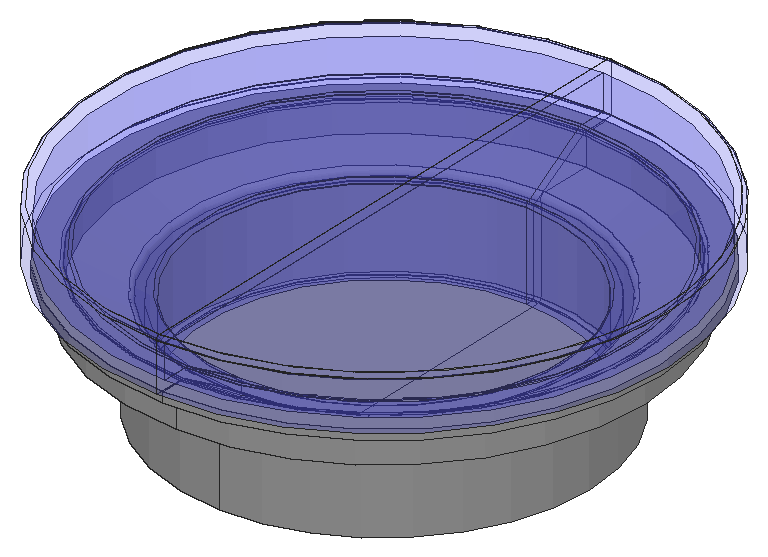
Revit family "50527_BEGA_Revit", category Lighting Fixtures, host Face, Revit 2018
Family settings
  Host = Face
  Round Connector Dimension = Use Diameter
  Part Type = Normal
  Cut with Voids When Loaded = Yes
  Light Source = Yes
  Shared = No
  Room Calculation Point = No
Parameters (values of type "Ceiling and wall lumianires - Opal glass")
  Wattage = 4.98849 W
  built-in parameter 1150110 = 1 (stored number, unit not read)
  URL = "www.bega-us.com"
  built-in parameter 1114217 = 1 (stored number, unit not read)
  Tilt Angle = 180.00°
  built-in parameter 1150109 = 1 (stored number, unit not read)
  built-in parameter 1150134 = 12
  Telephone = "805.684.0533"
  built-in parameter 1150113 = 1 (stored number, unit not read)
  Photometric Web File = "50527K4_BEGA_IES.ies"
  Model = "50 527"
  Manufacturer = "BEGA-US"
  built-in parameter 1150105 = 58.967 (stored number, unit not read)
  Lumens = 741 lm
  built-in parameter 1150115 = 1 (stored number, unit not read)
  built-in parameter 1150137 = (empty or 0)
  built-in parameter 1150139 = (empty or 0)
  built-in parameter 1150112 = 1 (stored number, unit not read)
  built-in parameter 1150114 = 1 (stored number, unit not read)
  Lamp = "8.4W LED"
  built-in parameter 1150132 = 2
  built-in parameter 1150102 = (empty or 0)
  built-in parameter 1150107 = 4000 (stored number, unit not read)
  built-in parameter 1150138 = (empty or 0)
  built-in parameter 1150106 = 0.58967 (stored number, unit not read)
  built-in parameter 1150104 = 13.8 (stored number, unit not read)
  Dimming Lamp Color Temperature Shift = <None>
  Description = "Ceiling and wall luminaires-Opal glass"
  Default Elevation = 6' - 0"
  Color Filter = 16777215
  built-in parameter 1114218 = 1 (stored number, unit not read)
  built-in parameter 1150133 = 10 (stored number, unit not read)
Types (5): name | Wattage | Tilt Angle | built-in parameter 1150134 | Photometric Web File | Model | built-in parameter 1150105 | Lumens | Lamp | built-in parameter 1150107 | built-in parameter 1150106 | Description
  (no name) | 4.98849 W | 180.00° | 12 | "50527K4_BEGA_IES.ies" | "50 527" | 58.967 (stored number, unit not read) | 741 lm | "8.4W LED" | 4000 (stored number, unit not read) | 0.58967 (stored number, unit not read) | "Ceiling and wall luminaires-Opal glass"
  Wall Luminaires - Directed Light | 18.4392 W | 90.00° | (empty or 0) | "generic" | "2260LED" | 217.96 (stored number, unit not read) | 2739 lm | "44.6W LED" | 3000 (stored number, unit not read) | 2.1796 (stored number, unit not read) | "Surface wall with cutoff optics"
  Wall Luminaires - Linear | 9.92985 W | 90.00° | 9 | "generic" | "4425P" | 117.38 (stored number, unit not read) | 1475 lm | "(1) 39W CF twin-4-p" | 3450 (stored number, unit not read) | 1.1738 (stored number, unit not read) | "Suface wall - linear with white acrylic diffuser"
  Ceiling and Wall Luminaires - Unshielded | 2.66591 W | 90.00° | 12 | "33508.ies" | "50 527" | 31.513 (stored number, unit not read) | 396 lm | "8.4W LED" | 4000 (stored number, unit not read) | 0.31513 (stored number, unit not read) | "Ceiling and wall luminaires-Opal glass"
  Ceiling and wall lumianires - Opal glass | 4.98849 W | 180.00° | 12 | "50527K4_BEGA_IES.ies" | "50 527" | 58.967 (stored number, unit not read) | 741 lm | "8.4W LED" | 4000 (stored number, unit not read) | 0.58967 (stored number, unit not read) | "Ceiling and wall luminaires-Opal glass"
Reference planes (in)
  plane 1 "Center (Front/Back)": y = 0
  plane 2: z = 0
  plane 3 "Center (Left/Right)": x = 0
Dimensions and locks (in)
  aligned and locked: plane 2 to host face
  aligned and locked: level to host face
Nested families (in)
  nested 1: "50527" at (0, 0.33888, 0), type "50527"
Connectors (in)
  electrical at (0, 0, 0)
    settings: on host face, index 1, voltage 0 V, apparent load 0 VA, apparent load phase1 0 VA, apparent load phase2 0 VA, apparent load phase3 0 VA, power factor 1, load classification "Other", number of poles 1, system type 31, power factor state 1, is connector primary yes, connector utility no, sub classification motor no, connector description ""
Definition of nested family "50527"
  Parameters (values of type "50527")
    Default Elevation = 4' - 0"
  Reference planes (in)
    plane 1 "Center (Front/Back)": y = 0
    plane 2: z = 0
    plane 3 "Center (Left/Right)": x = 0
  Forms (in)
    Extrusion 1, solid
      sketch origin (0, 0, 0) x (1, 0, 0) y (0, 1, 0)
        loop
          line (-48, 48) -> (-48, -48) -> (48, -48) -> (48, 48) -> (-48, 48)
      from 0 to -12
    Revolve 2, solid
      sketch origin (0, 0, 0) x (0, 1, 0) y (0, 0, 1)
        loop
          line (-3.503, 0) -> (-3.503, -0.125) -> (-3.305, -0.125) -> (-3.305, -0.51125) -> (-2.605, -0.51125) -> (-2.605, -1.73125) -> (0, -1.73125) -> (0, -1.60625) -> (-2.43913, -1.60625)
          arc (-2.43913, -1.60625) -> (-2.46803, -1.59428) -> (-2.48, -1.56538) r 0.04087
          line (-2.48, -1.56538) -> (-2.48, -0.4766)
          arc (-2.48, -0.4766) -> (-2.48873, -0.42141) -> (-2.53216, -0.38625) r 0.07794
          line (-2.53216, -0.38625) -> (-3.18, -0.38625) -> (-3.18, -0.03449)
          arc (-3.18, -0.03449) -> (-3.1901, -0.0101) -> (-3.21449, 0) r 0.03449
          line (-3.21449, 0) -> (-3.503, 0)
        axis (0, 0) -> (0, -1.73125)
      angle from 0 to 360
    Revolve 3, solid
      sketch origin (0, 0, 0) x (0, 1, 0) y (0, 0, 1)
        loop
          line (0, 0.67187) -> (-3.55221, 0.67187)
          arc (-3.55221, 0.67187) -> (-3.58742, 0.65729) -> (-3.602, 0.62208) r 0.04979
          line (-3.602, 0.62208) -> (-3.602, 0.00287) -> (-3.169, 0.00287) -> (-2.37102, -0.4766) -> (-2.37102, -1.5396) -> (-2.24602, -1.5396) -> (-2.24602, -0.44205)
          arc (-2.24602, -0.44205) -> (-2.25735, -0.40851) -> (-2.28262, -0.38372) r 0.07609
          line (-2.28262, -0.38372) -> (-3.09053, 0.10388)
          arc (-3.09053, 0.10388) -> (-3.11303, 0.11177) -> (-3.1368, 0.11002) r 0.05841
          line (-3.1368, 0.11002) -> (-3.477, 0.11002) -> (-3.477, 0.54687) -> (0, 0.54687) -> (0, 0.67187)
        axis (0, 0.67187) -> (0, -1.5396)
      angle from 0 to 360
  Lines and regions (in)
    reference lines
      curve 1: line (0, 0, -0.38625) -> (0, -3.18, -0.38625)
  Dimensions and locks (in)
    aligned and locked: plane 2 to Extrusion 1
    aligned and locked: level to Extrusion 1
